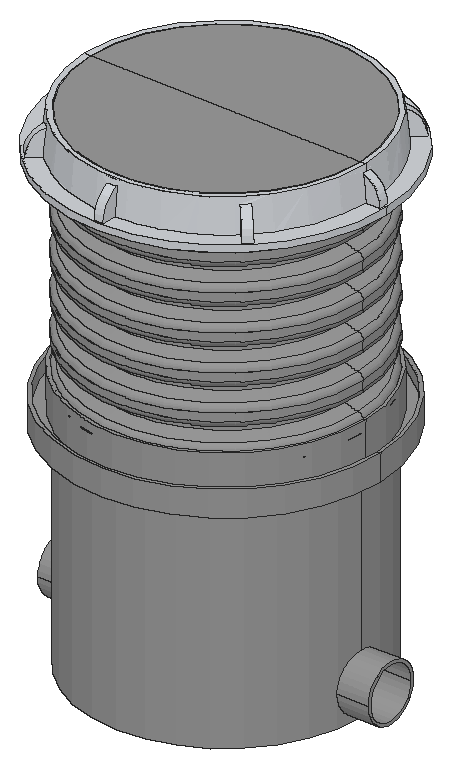
Revit family "XL-MI-G-PL-SP", category Plumbing Fixtures, Revit 2015
Parameters (values of type "XL-MI-G-PL-SP")
  URL = "www.mifab.com"
  Model = "XL-MI-G-PL-SP"
  Manufacturer = "MIFAB"
  Description = "EXTERNAL SAMPLING PORT"
Reference planes (in)
  plane 1 "Center (Front/Back)": y = 0
  plane 2: z = 0
  plane 3 "Center (Left/Right)": x = 0
  plane 4: z = -7
  plane 5: z = -16.53
  plane 6: z = 19.87
  plane 7: z = 16.87
  plane 8: x = -9
Forms (in)
  Revolve 1, solid, material "Steel AISI 1030 128A HR"
    sketch origin (0, 0, 0) x (1, 0, 0) y (0, 0, 1)
      loop
        line (-12.13081, 0) -> (-12.13081, -2) -> (-10.625, -2) -> (-10.625, -19) -> (0, -19) -> (0, -18.75) -> (-10.375, -18.75) -> (-10.375, -1.75) -> (-11.88081, -1.75) -> (-11.88081, 0) -> (-12.13081, 0)
      axis (0, 0) -> (0, -19)
    angle from 0 to 360
  Revolve 2, solid, material "Steel, Polished"
    sketch origin (0, 0, 0) x (1, 0, 0) y (0, 0, 1)
      loop
        line (-9, 16.87) -> (-9.25, 16.87) -> (-9.25, 16.56183) -> (-10.37485, 16.26043)
        arc (-10.37485, 16.26043) -> (-10.64211, 16.08185) -> (-10.74544, 15.77747) r 0.5
        line (-10.74544, 15.77747) -> (-10.74544, 15.16113)
        arc (-10.74544, 15.16113) -> (-10.64211, 14.85675) -> (-10.37485, 14.67817) r 0.5
        line (-10.37485, 14.67817) -> (-9.25, 14.37677) -> (-9.25, 14.0686) -> (-9.25, 13.76043) -> (-10.37485, 13.45903)
        arc (-10.37485, 13.45903) -> (-10.64211, 13.28045) -> (-10.74544, 12.97606) r 0.5
        line (-10.74544, 12.97606) -> (-10.74544, 12.35973)
        arc (-10.74544, 12.35973) -> (-10.64211, 12.05535) -> (-10.37485, 11.87677) r 0.5
        line (-10.37485, 11.87677) -> (-9.25, 11.57536) -> (-9.25, 11.2672) -> (-9.25, 10.95903) -> (-10.37485, 10.65763)
        arc (-10.37485, 10.65763) -> (-10.64211, 10.47904) -> (-10.74544, 10.17466) r 0.5
        line (-10.74544, 10.17466) -> (-10.74544, 9.55833)
        arc (-10.74544, 9.55833) -> (-10.64211, 9.25395) -> (-10.37485, 9.07536) r 0.5
        line (-10.37485, 9.07536) -> (-9.25, 8.77396) -> (-9.25, 8.46579) -> (-9.25, 8.15763) -> (-10.37485, 7.85622)
        arc (-10.37485, 7.85622) -> (-10.64211, 7.67764) -> (-10.74544, 7.37326) r 0.5
        line (-10.74544, 7.37326) -> (-10.74544, 6.75692)
        arc (-10.74544, 6.75692) -> (-10.64211, 6.45254) -> (-10.37485, 6.27396) r 0.5
        line (-10.37485, 6.27396) -> (-9.25, 5.97256) -> (-9.25, 5.66439) -> (-9.25, 5.35622) -> (-10.37485, 5.05482)
        arc (-10.37485, 5.05482) -> (-10.64211, 4.87624) -> (-10.74544, 4.57186) r 0.5
        line (-10.74544, 4.57186) -> (-10.74544, 3.95552)
        arc (-10.74544, 3.95552) -> (-10.64211, 3.65114) -> (-10.37485, 3.47256) r 0.5
        line (-10.37485, 3.47256) -> (-9.25, 3.17116) -> (-9.25, 2.86299) -> (-9.25, 2.55482) -> (-10.37485, 2.25342)
        arc (-10.37485, 2.25342) -> (-10.64211, 2.07484) -> (-10.74544, 1.77046) r 0.5
        line (-10.74544, 1.77046) -> (-10.74544, 1.15412)
        arc (-10.74544, 1.15412) -> (-10.64211, 0.84974) -> (-10.37485, 0.67116) r 0.5
        line (-10.37485, 0.67116) -> (-9.25, 0.36976) -> (-9.25, 0.06159) -> (-9.25, -0.24658) -> (-10.37485, -0.54798)
        arc (-10.37485, -0.54798) -> (-10.64211, -0.72657) -> (-10.74544, -1.03095) r 0.5
        line (-10.74544, -1.03095) -> (-10.74544, -1.75) -> (-10.49544, -1.75) -> (-10.49544, -1.03095)
        arc (-10.49544, -1.03095) -> (-10.44378, -0.87876) -> (-10.31014, -0.78946) r 0.25
        line (-10.31014, -0.78946) -> (-9.1853, -0.48806)
        arc (-9.1853, -0.48806) -> (-9.05166, -0.39877) -> (-9, -0.24658) r 0.25
        line (-9, -0.24658) -> (-9, 0.06159) -> (-9, 0.36976)
        arc (-9, 0.36976) -> (-9.05166, 0.52195) -> (-9.1853, 0.61124) r 0.25
        line (-9.1853, 0.61124) -> (-10.31014, 0.91264)
        arc (-10.31014, 0.91264) -> (-10.44378, 1.00193) -> (-10.49544, 1.15412) r 0.25
        line (-10.49544, 1.15412) -> (-10.49544, 1.77046)
        arc (-10.49544, 1.77046) -> (-10.44378, 1.92265) -> (-10.31014, 2.01194) r 0.25
        line (-10.31014, 2.01194) -> (-9.1853, 2.31334)
        arc (-9.1853, 2.31334) -> (-9.05166, 2.40263) -> (-9, 2.55482) r 0.25
        line (-9, 2.55482) -> (-9, 2.86299) -> (-9, 3.17116)
        arc (-9, 3.17116) -> (-9.05166, 3.32335) -> (-9.1853, 3.41264) r 0.25
        line (-9.1853, 3.41264) -> (-10.31014, 3.71404)
        arc (-10.31014, 3.71404) -> (-10.44378, 3.80333) -> (-10.49544, 3.95552) r 0.25
        line (-10.49544, 3.95552) -> (-10.49544, 4.57186)
        arc (-10.49544, 4.57186) -> (-10.44378, 4.72405) -> (-10.31014, 4.81334) r 0.25
        line (-10.31014, 4.81334) -> (-9.1853, 5.11474)
        arc (-9.1853, 5.11474) -> (-9.05166, 5.20403) -> (-9, 5.35622) r 0.25
        line (-9, 5.35622) -> (-9, 5.66439) -> (-9, 5.97256)
        arc (-9, 5.97256) -> (-9.05166, 6.12475) -> (-9.1853, 6.21404) r 0.25
        line (-9.1853, 6.21404) -> (-10.31014, 6.51544)
        arc (-10.31014, 6.51544) -> (-10.44378, 6.60473) -> (-10.49544, 6.75692) r 0.25
        line (-10.49544, 6.75692) -> (-10.49544, 7.37326)
        arc (-10.49544, 7.37326) -> (-10.44378, 7.52545) -> (-10.31014, 7.61474) r 0.25
        line (-10.31014, 7.61474) -> (-9.1853, 7.91614)
        arc (-9.1853, 7.91614) -> (-9.05166, 8.00543) -> (-9, 8.15763) r 0.25
        line (-9, 8.15763) -> (-9, 8.46579) -> (-9, 8.77396)
        arc (-9, 8.77396) -> (-9.05166, 8.92615) -> (-9.1853, 9.01544) r 0.25
        line (-9.1853, 9.01544) -> (-10.31014, 9.31684)
        arc (-10.31014, 9.31684) -> (-10.44378, 9.40614) -> (-10.49544, 9.55833) r 0.25
        line (-10.49544, 9.55833) -> (-10.49544, 10.17466)
        arc (-10.49544, 10.17466) -> (-10.44378, 10.32685) -> (-10.31014, 10.41614) r 0.25
        line (-10.31014, 10.41614) -> (-9.1853, 10.71755)
        arc (-9.1853, 10.71755) -> (-9.05166, 10.80684) -> (-9, 10.95903) r 0.25
        line (-9, 10.95903) -> (-9, 11.2672) -> (-9, 11.57536)
        arc (-9, 11.57536) -> (-9.05166, 11.72755) -> (-9.1853, 11.81685) r 0.25
        line (-9.1853, 11.81685) -> (-10.31014, 12.11825)
        arc (-10.31014, 12.11825) -> (-10.44378, 12.20754) -> (-10.49544, 12.35973) r 0.25
        line (-10.49544, 12.35973) -> (-10.49544, 12.97606)
        arc (-10.49544, 12.97606) -> (-10.44378, 13.12826) -> (-10.31014, 13.21755) r 0.25
        line (-10.31014, 13.21755) -> (-9.1853, 13.51895)
        arc (-9.1853, 13.51895) -> (-9.05166, 13.60824) -> (-9, 13.76043) r 0.25
        line (-9, 13.76043) -> (-9, 14.0686) -> (-9, 14.37677)
        arc (-9, 14.37677) -> (-9.05166, 14.52896) -> (-9.1853, 14.61825) r 0.25
        line (-9.1853, 14.61825) -> (-10.31014, 14.91965)
        arc (-10.31014, 14.91965) -> (-10.44378, 15.00894) -> (-10.49544, 15.16113) r 0.25
        line (-10.49544, 15.16113) -> (-10.49544, 15.77747)
        arc (-10.49544, 15.77747) -> (-10.44378, 15.92966) -> (-10.31014, 16.01895) r 0.25
        line (-10.31014, 16.01895) -> (-9.1853, 16.32035)
        arc (-9.1853, 16.32035) -> (-9.05166, 16.40964) -> (-9, 16.56183) r 0.25
        line (-9, 16.56183) -> (-9, 16.87)
      axis (0, -1.75) -> (0, 16.87)
    angle from 0 to 360
  Revolve 3, solid, material "Steel, Chrome Plated"
    sketch origin (0, 0, 0) x (1, 0, 0) y (0, 0, 1)
      loop
        line (-10.75, 1.91867) -> (-11, 1.91867) -> (-11, -1) -> (-11.87882, -1) -> (-11.87882, -1.75) -> (-10.75, -1.75) -> (-10.75, 1.91867)
      axis (0, -1.75) -> (0, 1.91867)
    angle from 0 to 360
  Revolve 4, solid
    sketch origin (0, 0, 0) x (1, 0, 0) y (0, 0, 1)
      loop
        line (-12.59369, 16.87) -> (-9, 16.87) -> (-8.88784, 16.56183) -> (-8.38784, 16.56183) -> (-8.6185, 17.87) -> (-9.84543, 17.87) -> (-10.57337, 19.87) -> (-11, 19.87) -> (-11.26276, 17.37) -> (-12.59369, 17.37) -> (-12.59369, 16.87)
      axis (0, 19.87) -> (0, 16.56183)
    angle from 0 to 360
  Extrusion 5, solid, material "Steel AISI 1030 128A HR"
    sketch origin (0, 0, 0) x (0, 1, 0) y (0, 0, 1)
      loop
        circle (0, -16.53) r 2.19
    from 10.16103 to 12.92543
  Extrusion 6, void
    sketch origin (0, 0, 0) x (0, 1, 0) y (0, 0, 1)
      loop
        circle (0, -16.53) r 2
    from -16.1225 to 15.79644
  Extrusion 7, solid, material "Steel AISI 1030 128A HR"
    sketch origin (0, 0, 0) x (0, 1, 0) y (0, 0, -1)
      loop
        circle (0, 16.53) r 2.19
    from 10.16103 to 12.92543
  Revolve 8, solid, material "Steel, Chrome Plated"
    sketch origin (0, 0, 0) x (1, 0, 0) y (0, 0, 1)
      loop
        line (-10.57337, 19.87) -> (-9.84543, 17.87) -> (0, 17.87) -> (0, 19.87) -> (-10.57337, 19.87)
      axis (0, 19.87) -> (0, 17.87)
    angle from 0 to 360
  Sweep 9, solid
    path origin (0, 0, 0) x (-0.707107, 0.707107, 0) y (0, 0, 1)
      loop
        arc (-12.36705, 17.2319) -> (-12.02173, 18.56242) -> (-10.95297, 19.42688) r 2.19564
    profile origin (8.50065, -8.50065, 18.56242) x (0.594431, -0.594431, 0.541576) y (0.707107, 0.707107, 0)
      loop
        line (0, -0.35121) -> (0, 0.33488) -> (-0.42506, 0.33488) -> (-0.42506, -0.35121) -> (0, -0.35121)
  Extrusion 10, solid
    sketch origin (0, 0, 0) x (-0.707107, 0.707107, 0) y (0, 0, 1)
      loop
        arc (-10.86142, 19.00583) -> (-11.65143, 18.35206) -> (-11.94654, 17.37) r 1.77058
        line (-11.94654, 17.37) -> (-10.86142, 17.37) -> (-10.86142, 19.00583)
    from -0.35121 to 0.33488
  Sweep 11, solid
    path origin (0, 0, 0) x (-1, 0, 0) y (0, 0, 1)
      loop
        arc (-12.36705, 17.2319) -> (-12.02173, 18.56242) -> (-10.95297, 19.42688) r 2.19564
    profile origin (12.02173, 0, 18.56242) x (0.840652, 0, 0.541576) y (0, 1, 0)
      loop
        line (0, -0.35121) -> (0, 0.33488) -> (-0.42506, 0.33488) -> (-0.42506, -0.35121) -> (0, -0.35121)
  Extrusion 12, solid
    sketch origin (0, 0, 0) x (-1, 0, 0) y (0, 0, 1)
      loop
        arc (-10.86142, 19.00583) -> (-11.65143, 18.35206) -> (-11.94654, 17.37) r 1.77058
        line (-11.94654, 17.37) -> (-10.86142, 17.37) -> (-10.86142, 19.00583)
    from -0.35121 to 0.33488
  Sweep 13, solid
    path origin (0, 0, 0) x (0, 1, 0) y (0, 0, 1)
      loop
        arc (-12.36705, 17.2319) -> (-12.02173, 18.56242) -> (-10.95297, 19.42688) r 2.19564
    profile origin (0, -12.02173, 18.56242) x (0, -0.840652, 0.541576) y (1, 0, 0)
      loop
        line (0, -0.35121) -> (0, 0.33488) -> (-0.42506, 0.33488) -> (-0.42506, -0.35121) -> (0, -0.35121)
  Extrusion 14, solid
    sketch origin (0, 0, 0) x (0, 1, 0) y (0, 0, 1)
      loop
        arc (-10.86142, 19.00583) -> (-11.65143, 18.35206) -> (-11.94654, 17.37) r 1.77058
        line (-11.94654, 17.37) -> (-10.86142, 17.37) -> (-10.86142, 19.00583)
    from -0.35121 to 0.33488
  Sweep 15, solid
    path origin (0, 0, 0) x (0.707107, 0.707107, 0) y (0, 0, 1)
      loop
        arc (-12.36705, 17.2319) -> (-12.02173, 18.56242) -> (-10.95297, 19.42688) r 2.19564
    profile origin (-8.50065, -8.50065, 18.56242) x (-0.594431, -0.594431, 0.541576) y (0.707107, -0.707107, 0)
      loop
        line (0, -0.35121) -> (0, 0.33488) -> (-0.42506, 0.33488) -> (-0.42506, -0.35121) -> (0, -0.35121)
  Extrusion 16, solid
    sketch origin (0, 0, 0) x (0.707107, 0.707107, 0) y (0, 0, 1)
      loop
        arc (-10.86142, 19.00583) -> (-11.65143, 18.35206) -> (-11.94654, 17.37) r 1.77058
        line (-11.94654, 17.37) -> (-10.86142, 17.37) -> (-10.86142, 19.00583)
    from -0.35121 to 0.33488
  Sweep 17, solid
    path origin (0, 0, 0) x (1, 0, 0) y (0, 0, 1)
      loop
        arc (-12.36705, 17.2319) -> (-12.02173, 18.56242) -> (-10.95297, 19.42688) r 2.19564
    profile origin (-12.02173, 0, 18.56242) x (-0.840652, 0, 0.541576) y (0, -1, 0)
      loop
        line (0, -0.35121) -> (0, 0.33488) -> (-0.42506, 0.33488) -> (-0.42506, -0.35121) -> (0, -0.35121)
  Extrusion 18, solid
    sketch origin (0, 0, 0) x (1, 0, 0) y (0, 0, 1)
      loop
        arc (-10.86142, 19.00583) -> (-11.65143, 18.35206) -> (-11.94654, 17.37) r 1.77058
        line (-11.94654, 17.37) -> (-10.86142, 17.37) -> (-10.86142, 19.00583)
    from -0.35121 to 0.33488
  Sweep 19, solid
    path origin (0, 0, 0) x (0.707107, -0.707107, 0) y (0, 0, 1)
      loop
        arc (-12.36705, 17.2319) -> (-12.02173, 18.56242) -> (-10.95297, 19.42688) r 2.19564
    profile origin (-8.50065, 8.50065, 18.56242) x (-0.594431, 0.594431, 0.541576) y (-0.707107, -0.707107, 0)
      loop
        line (0, -0.35121) -> (0, 0.33488) -> (-0.42506, 0.33488) -> (-0.42506, -0.35121) -> (0, -0.35121)
  Extrusion 20, solid
    sketch origin (0, 0, 0) x (0.707107, -0.707107, 0) y (0, 0, 1)
      loop
        arc (-10.86142, 19.00583) -> (-11.65143, 18.35206) -> (-11.94654, 17.37) r 1.77058
        line (-11.94654, 17.37) -> (-10.86142, 17.37) -> (-10.86142, 19.00583)
    from -0.35121 to 0.33488
  Sweep 21, solid
    path origin (0, 0, 0) x (0, -1, 0) y (0, 0, 1)
      loop
        arc (-12.36705, 17.2319) -> (-12.02173, 18.56242) -> (-10.95297, 19.42688) r 2.19564
    profile origin (0, 12.02173, 18.56242) x (0, 0.840652, 0.541576) y (-1, 0, 0)
      loop
        line (0, -0.35121) -> (0, 0.33488) -> (-0.42506, 0.33488) -> (-0.42506, -0.35121) -> (0, -0.35121)
  Extrusion 22, solid
    sketch origin (0, 0, 0) x (0, -1, 0) y (0, 0, 1)
      loop
        arc (-10.86142, 19.00583) -> (-11.65143, 18.35206) -> (-11.94654, 17.37) r 1.77058
        line (-11.94654, 17.37) -> (-10.86142, 17.37) -> (-10.86142, 19.00583)
    from -0.35121 to 0.33488
  Sweep 23, solid
    path origin (0, 0, 0) x (-0.707107, -0.707107, 0) y (0, 0, 1)
      loop
        arc (-12.36705, 17.2319) -> (-12.02173, 18.56242) -> (-10.95297, 19.42688) r 2.19564
    profile origin (8.50065, 8.50065, 18.56242) x (0.594431, 0.594431, 0.541576) y (-0.707107, 0.707107, 0)
      loop
        line (0, -0.35121) -> (0, 0.33488) -> (-0.42506, 0.33488) -> (-0.42506, -0.35121) -> (0, -0.35121)
  Extrusion 24, solid
    sketch origin (0, 0, 0) x (-0.707107, -0.707107, 0) y (0, 0, 1)
      loop
        arc (-10.86142, 19.00583) -> (-11.65143, 18.35206) -> (-11.94654, 17.37) r 1.77058
        line (-11.94654, 17.37) -> (-10.86142, 17.37) -> (-10.86142, 19.00583)
    from -0.35121 to 0.33488
Cuts and joins
  joined: Revolve 4, Sweep 9, Extrusion 10, Sweep 11, Extrusion 12, Sweep 13, Extrusion 14, Sweep 15, Extrusion 16, Sweep 17, Extrusion 18, Sweep 19, Extrusion 20, Sweep 21, Extrusion 22, Sweep 23, Extrusion 24
  Extrusion 6 cuts Revolve 1
  Extrusion 6 cuts Extrusion 5
  Extrusion 6 cuts Extrusion 7
  joined: Revolve 1, Extrusion 5, Extrusion 7
Dimensions and locks (in)
  locked: plane 4 to plane 2 at 7
  locked: plane 4 to Revolve 1 sketch curve at 12
  locked: plane 5 to Revolve 1 at 2.47
  locked: plane 6 to plane 5 at 36.4
  locked: plane 6 to plane 7 at 3
  locked: plane 8 to plane 3 "Center (Left/Right)" at 9
  locked: Extrusion 5 to Extrusion 5 at 2.7644
  locked: Extrusion 7 to Extrusion 7 at 2.7644
  aligned and locked: level to plane 2
  aligned and locked: Revolve 1 sketch curve to plane 3 "Center (Left/Right)"
  aligned and locked: Revolve 2 sketch curve to Revolve 1
  aligned and locked: Revolve 2 sketch curve to plane 7
  aligned and locked: Revolve 2 sketch curve to Revolve 2 sketch curve
  aligned and locked: plane 3 "Center (Left/Right)" to Revolve 2 sketch curve
  aligned and locked: plane 3 "Center (Left/Right)" to Revolve 3 sketch curve
  aligned and locked: Revolve 4 sketch curve to plane 3 "Center (Left/Right)"
  aligned and locked: plane 5 to Extrusion 5 sketch curve
  aligned and locked: plane 1 "Center (Front/Back)" to Extrusion 5 sketch curve
  aligned and locked: plane 1 "Center (Front/Back)" to Extrusion 6 sketch curve
  aligned and locked: plane 5 to Extrusion 6 sketch curve
  aligned and locked: Extrusion 10 sketch curve to Sweep 9
  aligned and locked: Extrusion 10 to Sweep 9
  aligned and locked: Sweep 9 to Extrusion 10
  aligned and locked: Extrusion 12 sketch curve to Sweep 11
  aligned and locked: Extrusion 12 to Sweep 11
  aligned and locked: Sweep 11 to Extrusion 12
  aligned and locked: Extrusion 14 sketch curve to Sweep 13
  aligned and locked: Extrusion 14 to Sweep 13
  aligned and locked: Sweep 13 to Extrusion 14
  aligned and locked: Extrusion 16 sketch curve to Sweep 15
  aligned and locked: Sweep 15 to Extrusion 16
  aligned and locked: Extrusion 16 to Sweep 15
  aligned and locked: Extrusion 18 sketch curve to Sweep 17
  aligned and locked: Sweep 17 to Extrusion 18
  aligned and locked: Extrusion 18 to Sweep 17
  aligned and locked: Extrusion 20 sketch curve to Sweep 19
  aligned and locked: Sweep 19 to Extrusion 20
  aligned and locked: Extrusion 20 to Sweep 19
  aligned and locked: Extrusion 22 sketch curve to Sweep 21
  aligned and locked: Sweep 21 to Extrusion 22
  aligned and locked: Extrusion 22 to Sweep 21
  aligned and locked: Extrusion 24 sketch curve to Sweep 23
  aligned and locked: Extrusion 24 to Sweep 23
  aligned and locked: Sweep 23 to Extrusion 24
Connectors (in)
  piping at (12.92543, 0, -16.53), diameter 4
    settings: on cut or joined group of Revolve 1, Extrusion 5, Extrusion 6, Extrusion 7, index 1, connector inside diameter 24", connector length 0", flow factor 0, pipe flow 0 GPM, pressure drop 0.00 psi, fitting loss kfactor 0, connector angle 0.00°, fixture units 0, engagement length 0", angle of deflection 0.00°, flow configuration 0, flow direction 0, fitting loss method 0, system type 7, joint type 0, gender type 0, connector reference index -1, connector utility 0, adjustable connector no, is connector primary yes, connector description ""
  piping at (-12.92543, 0, -16.53), diameter 4
    settings: on cut or joined group of Revolve 1, Extrusion 5, Extrusion 6, Extrusion 7, index 2, connector inside diameter 24", connector length 0", flow factor 0, pipe flow 0 GPM, pressure drop 0.00 psi, fitting loss kfactor 0, connector angle 0.00°, fixture units 0, engagement length 0", angle of deflection 0.00°, flow configuration 0, flow direction 0, fitting loss method 0, system type 7, joint type 0, gender type 0, connector reference index -1, connector utility 0, adjustable connector no, is connector primary no, connector description ""
